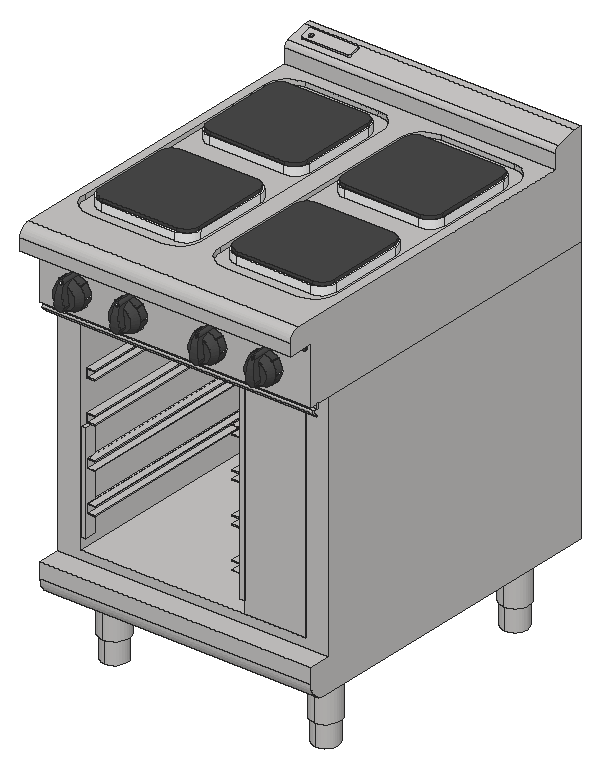
Revit family "QF_Moffat_RNL8400SE-CB_Electric_Cooktops_Sealed_Hobs_cat", category Specialty Equipment, Revit 2019 (continued)
Definition of nested family "QF_LOGO_Waldorf"
  Automatic sketch dimensions
    Split face 2 sketch curve to Split face 2 sketch curve = 0.318 mm
    Split face 2 sketch curve to Split face 2 sketch curve = 3.729 mm
    Split face 2 sketch curve to Split face 2 sketch curve = 0.414 mm
    Split face 2 sketch curve to Split face 2 sketch curve = 0.875 mm
    Split face 2 sketch curve to Split face 2 sketch curve = 0.878 mm
    Split face 3 sketch curve to Extrusion 1 = 8.597 mm
    Extrusion 1 to Split face 3 sketch curve = 29.688 mm
    Split face 3 sketch curve to Extrusion 1 = 9.264 mm
    Split face 3 sketch curve to Split face 3 sketch curve = 2.326 mm
    Split face 4 sketch curve to Extrusion 1 = 5.728 mm
    Extrusion 1 to Split face 4 sketch curve = 38.08 mm
    Split face 4 sketch curve to Split face 4 sketch curve = 3.843 mm
    Split face 4 sketch curve to Extrusion 1 = 9.736 mm
    Split face 5 sketch curve to Extrusion 1 = 9.736 mm
    Split face 5 sketch curve to Extrusion 1 = 43.205 mm
    Split face 5 sketch curve to Extrusion 1 = 6.679 mm
    Split face 5 sketch curve to Split face 5 sketch curve = 0.342 mm
    Split face 5 sketch curve to Split face 5 sketch curve = 3.375 mm
    Split face 5 sketch curve to Split face 5 sketch curve = 0.952 mm
    Split face 5 sketch curve to Split face 5 sketch curve = 3.998 mm
    Split face 6 sketch curve to Extrusion 1 = 7.499 mm
    Split face 6 sketch curve to Extrusion 1 = 44.727 mm
    Split face 6 sketch curve to Split face 6 sketch curve = 2.07 mm
    Split face 7 sketch curve to Extrusion 1 = 5.305 mm
    Split face 7 sketch curve to Extrusion 1 = 32.551 mm
    Split face 7 sketch curve to Split face 7 sketch curve = 4.443 mm
    Split face 8 sketch curve to Extrusion 1 = 7.654 mm
    Split face 8 sketch curve to Extrusion 1 = 32.551 mm
    Split face 8 sketch curve to Split face 8 sketch curve = 2.095 mm
    Split face 9 sketch curve to Extrusion 1 = 5.728 mm
    Split face 9 sketch curve to Extrusion 1 = 25.521 mm
    Split face 9 sketch curve to Split face 9 sketch curve = 3.519 mm
    Split face 9 sketch curve to Split face 9 sketch curve = 0.315 mm
    Split face 9 sketch curve to Split face 9 sketch curve = 3.33 mm
    Split face 9 sketch curve to Split face 9 sketch curve = 3.248 mm
    Split face 9 sketch curve to Split face 9 sketch curve = 1.795 mm
    Split face 9 sketch curve to Split face 9 sketch curve = 3.36 mm
    Split face 9 sketch curve to Split face 9 sketch curve = 1.545 mm
    Split face 9 sketch curve to Split face 9 sketch curve = 0.233 mm
    Split face 10 sketch curve to Extrusion 1 = 18.106 mm
    Split face 10 sketch curve to Split face 10 sketch curve = 1.188 mm  (x2)
    Split face 10 sketch curve to Split face 10 sketch curve = 3.285 mm
    Split face 10 sketch curve to Split face 10 sketch curve = 3.789 mm
    Split face 10 sketch curve to Split face 10 sketch curve = 0 mm  (x2)
    Split face 10 sketch curve to Split face 10 sketch curve = 1.629 mm
    Split face 10 sketch curve to Split face 10 sketch curve = 2.133 mm
    Split face 10 sketch curve to Extrusion 1 = 5.728 mm
    Split face 10 sketch curve to Split face 10 sketch curve = 6.245 mm
    Split face 10 sketch curve to Split face 10 sketch curve = 1.907 mm  (x2)
    Split face 10 sketch curve to Split face 10 sketch curve = 1.197 mm
    Split face 10 sketch curve to Split face 10 sketch curve = 2.19 mm
